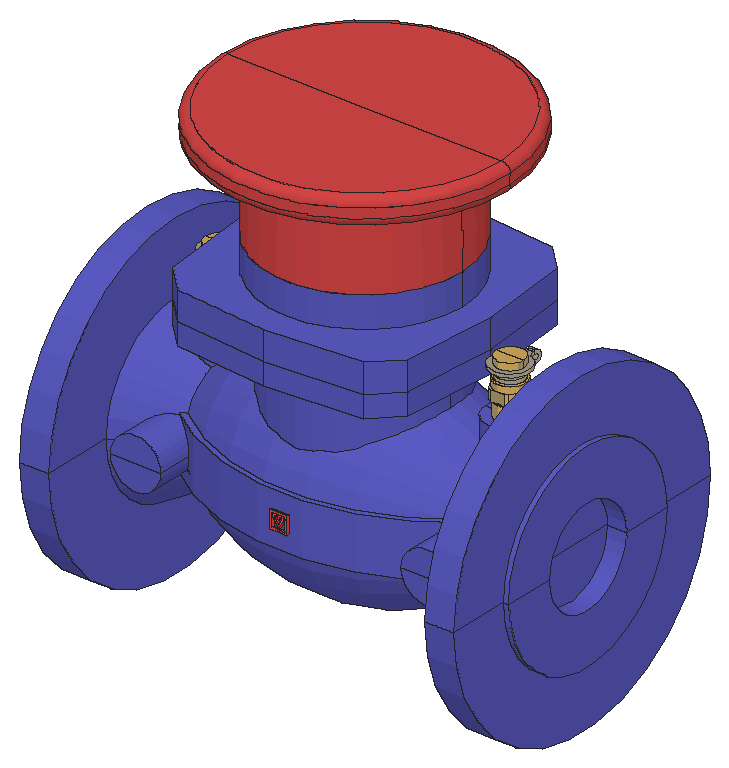
Revit family "HERZ Strömax Балансировочный клапан с измерительными клапанами, шпиндель прямой 4218 GF", category Rohrzubehör, Revit 2019
Family settings
  Bemaßung runder Anschluss = Durchmesser verwenden
  Teiletyp = Unterbricht
  OmniClass-Nummer = 23.65.55.14
  OmniClass-Titel = Valves for Liquid Services
  Arbeitsebenenbasiert = Nein
  Immer vertikal = Ja
  Beim Laden mit Abzugskörper schneiden = Nein
  Gemeinsam genutzt = Nein
Parameters
  Среда = "Допускается использование этилен- и пропиленгликоля в концентрации смеси 25-50% объема.\r\nКачество теплоносителя согласно ÖNORM H 5195 и VDI 2035."
  Область применения = "Для гидравлической балансировки в системах отопления или охлаждения, регулирования и перекрытия трубопроводов, стояков, теплообменников, тепловых и холодильных регистров."
  Номер заказа [instance] = size_lookup("4218_GF_", "Artnr", 0, Nennweite)  # 1421880
  Мин. рабочая температура = -10 °C  # constant formula
  Макс. рабочее давление = 1600000.0 Pa  # constant formula
  Макс. рабочая температура = 110 °C  # constant formula
  Корпус = "чугун GJL 250 по EN 1561"  # constant formula
  Исполнение = "Балансировочный клапан STRÖMAX-GF с измерительными клапанами DN 50 - 300:\r\nПрямой шпиндель, корпус из серого чугуна GJL 250 по EN 1561, фланец согласно EN 1092, PN 16, окрашен в синий цвет.\r\nБукса из серого чугуна GJL 250, с неподнимающимся шпинделем, уплотнение шпинделя с помощью тройного кольцевого уплотнения Цифровой указатель ступеней предварительной настройки."
  Измерение перепада давления = "Балансировочный клапан Strömax GF оборудован двумя измерительными клапанами:\r\nпри использовании соответствующего измерительного прибора можно измерить перепад давления и благодаря этому можно соответственно определить расход в зависимости от степени настройки.\r\nКроме того, с HERZ измерительного компьютера можно непосредственно считывать показания расхода (см. инструкцию).\r\nПри использовании этиленгликоля, как средства от замерзания, меняется плотность теплоносителя, которую обязательно необходимо учитывать при измерениях перепада давления."
  Букса = "чугун GJL 250 по EN 1561"  # constant formula
  kvs-значения [instance] = if(Nennweite = 50.00 mm, 34.96, if(Nennweite = 65.00 mm, 66.94, if(Nennweite = 80.00 mm, 106.78, if(Nennweite = 100.00 mm, 169.45, if(Nennweite = 125.00 mm, 255.79, if(Nennweite = 150.00 mm, 389.54, if(Nennweite = 200.00 mm, 676.33, if(Nennweite = 250.00 mm, 1082.72, if(Nennweite = 300.00 mm, 1784.91, 0)))))))))  # 34.96
  Счетное устройство = "пластмасса"  # constant formula
  W02 = 60.00°  # constant formula
  W01 = 85.00°  # constant formula
  Кегель клапана = "чугун GJL 250 по EN 1561/ EPDM с покрытием"  # constant formula
  S01 [instance] = Nennweite + 10.00 mm  # 60.00 mm
  Регулировочный шпиндель = "латунь / нержавеющая сталь"  # constant formula
  Шпиндель (DN50 - DN100) = "латунь"  # constant formula
  O-Ring = "EPDM"  # constant formula
  URL = "www.herz-armaturen.ru"
  SCRNSEQ = "ARM;ARM_TYP=\"STRV\";2"
  SCRNCODE = "05;07;02"  # constant formula
  R02 [instance] = size_lookup("4218_GF_", "R2", 1.00 mm, Nennweite)  # 12.50 mm
  R01 [instance] = size_lookup("4218_GF_", "R1", 1.00 mm, Nennweite)  # 13.00 mm
  Шпиндель (DN125 - DN300) = "нержавеющая сталь"  # constant formula
  Nennweite [instance] = 50.00 mm
  L04 [instance] = size_lookup("4218_GF_", "L4", 1.00 mm, Nennweite)  # 75.00 mm
  L03 [instance] = if(Nennweite = 50.00 mm, 48.00 mm, if(Nennweite = 65.00 mm, 52.00 mm, if(Nennweite = 80.00 mm, 60.00 mm, if(Nennweite = 100.00 mm, 75.00 mm, 15.00 mm))))  # 48.00 mm
  L02 [instance] = size_lookup("4218_GF_", "L2", 1.00 mm, Nennweite)  # 75.00 mm
  L01 [instance] = size_lookup("4218_GF_", "L1", 1.00 mm, Nennweite)  # 70.00 mm
  L00 [instance] = size_lookup("4218_GF_", "L", 1.00 mm, Nennweite)  # 230.00 mm
  Hersteller = "HERZ Armaturen Ges.m.b.H."  # constant formula
  H09 [instance] = H08 + H02  # 109.00 mm
  H08 [instance] = size_lookup("4218_GF_", "H8", 1.00 mm, Nennweite)  # 31.00 mm
  H07 [instance] = H02 + H06  # 93.00 mm
  H06 [instance] = size_lookup("4218_GF_", "H6", 1.00 mm, Nennweite)  # 15.00 mm
  H05 [instance] = size_lookup("4218_GF_", "H5", 1.00 mm, Nennweite)  # 51.50 mm
  H04 [instance] = H02 - H03  # 67.00 mm
  H03 [instance] = size_lookup("4218_GF_", "H3", 1.00 mm, Nennweite)  # 11.00 mm
  H02 [instance] = size_lookup("4218_GF_", "H2", 1.00 mm, Nennweite)  # 78.00 mm
  H01 [instance] = size_lookup("4218_GF_", "H1", 1.00 mm, Nennweite)  # 54.00 mm
  GT = 10.00 mm  # constant formula
  FLL02 [instance] = size_lookup("4218_GF_", "FLL2", 1.00 mm, Nennweite)  # 15.00 mm
  FLL01 [instance] = size_lookup("4218_GF_", "FLL1", 1.00 mm, Nennweite)  # 3.00 mm
  FLD03 [instance] = size_lookup("4218_GF_", "FLD3", 1.00 mm, Nennweite)  # 30.20 mm
  FLD02 [instance] = size_lookup("4218_GF_", "FLD2", 1.00 mm, Nennweite)  # 46.00 mm
  FLD01 [instance] = size_lookup("4218_GF_", "FLD1", 1.00 mm, Nennweite)  # 51.00 mm
  FLD00 [instance] = size_lookup("4218_GF_", "FLD", 1.00 mm, Nennweite)  # 82.50 mm
  DN80-DN100 [instance] = or(Nennweite = 80.00 mm, Nennweite = 100.00 mm)  # no
  DN80 [instance] = Nennweite = 80.00 mm  # no
  DN65 [instance] = Nennweite = 65.00 mm  # no
  DN50-DN65 [instance] = or(Nennweite = 50.00 mm, Nennweite = 65.00 mm)  # yes
  DN50-DN100 [instance] = or(Nennweite = 50.00 mm, Nennweite = 65.00 mm, Nennweite = 80.00 mm, Nennweite = 100.00 mm)  # yes
  DN50 [instance] = Nennweite = 50.00 mm  # yes
  DN300 [instance] = Nennweite = 300.00 mm  # no
  DN250 [instance] = Nennweite = 250.00 mm  # no
  DN200-DN300 [instance] = or(Nennweite = 200.00 mm, Nennweite = 250.00 mm, Nennweite = 300.00 mm)  # no
  DN200 [instance] = Nennweite = 200.00 mm  # no
  DN150 [instance] = Nennweite = 150.00 mm  # no
  DN125-DN300 [instance] = or(Nennweite = 125.00 mm, Nennweite = 150.00 mm, Nennweite = 200.00 mm, Nennweite = 250.00 mm, Nennweite = 300.00 mm)  # no
  DN125-DN150 [instance] = or(Nennweite = 125.00 mm, Nennweite = 150.00 mm)  # no
  DN125 [instance] = Nennweite = 125.00 mm  # no
  DN100 [instance] = Nennweite = 100.00 mm  # no
  D03 [instance] = size_lookup("4218_GF_", "D3", 1.00 mm, Nennweite)  # 50.50 mm
  D02 [instance] = size_lookup("4218_GF_", "D2", 1.00 mm, Nennweite)  # 65.00 mm
  D01 [instance] = size_lookup("4218_GF_", "D1", 1.00 mm, Nennweite)  # 44.50 mm
  D00 [instance] = size_lookup("4218_GF_", "D", 1.00 mm, Nennweite)  # 54.00 mm
  BH02 [instance] = -BH01  # -13.50 mm
  BH01 [instance] = size_lookup("4218_GF_", "BH1", 1.00 mm, Nennweite)  # 13.50 mm
  Anschluss [instance] = Nennweite / 2  # 25.00 mm
Reference planes
  plane 1 "Mitte (Vorne/hinten)": y = 0
  plane 2: z = 0
  plane 3 "Mitte (Links/rechts)": x = 0
Forms (mm)
  Revolve 1, solid, material "Herz-Marineblau", detail levels fine
    sketch origin (1058.943, 0, 0) x (1, 0, 0) y (0, 1, 0)
      loop
        line (-1170.943, 82.5) -> (-1170.943, 51) -> (-1173.943, 51) -> (-1173.943, 25) -> (-1163.943, 25) -> (-1163.943, 0) -> (-953.943, 0) -> (-953.943, 25) -> (-943.943, 25) -> (-943.943, 51) -> (-946.943, 51) -> (-946.943, 82.5) -> (-961.943, 82.5) -> (-961.943, 46) -> (-988.943, 30.2)
        arc (-988.943, 30.2) -> (-1058.943, 54) -> (-1128.943, 30.2) r 114.841
        line (-1128.943, 30.2) -> (-1155.943, 46) -> (-1155.943, 82.5) -> (-1170.943, 82.5)
      axis (-1173.943, 0) -> (-943.943, 0)
    angle from 0 to 360
  Revolve 2, solid, material "Herz-Marineblau", detail levels fine
    sketch origin (0, 0, 0) x (1, 0, 0) y (0, 1, 0)
      loop
        line (-75, 54) -> (-88, 54) -> (-88, -54) -> (-75, -54) -> (-75, 54)
      axis (-75, 54) -> (-75, -54)
    angle from 0 to 360
  Revolve 3, solid, material "Herz-Marineblau", detail levels fine
    sketch origin (0, 0, 0) x (-1, 0, 0) y (0, 1, 0)
      loop
        line (-75, 54) -> (-88, 54) -> (-88, -54) -> (-75, -54) -> (-75, 54)
      axis (-75, 54) -> (-75, -54)
    angle from 0 to 360
  Revolve 4, solid, material "Herz-Marineblau", visible <- "DN125-DN300", detail levels fine
    sketch origin (0, 0, 0) x (1, 0, 0) y (0, 0, 1)
      loop
        line (0, 0) -> (0, 78) -> (-65, 78) -> (-65, 67) -> (-44.5, 67) -> (-44.5, 0) -> (0, 0)
      axis (0, 78) -> (0, 0)
    angle from 0 to 360
  Revolve 5, solid, material "Herz-Marineblau", visible <- "DN50-DN100", detail levels fine
    sketch origin (0, 0, 0) x (1, 0, 0) y (0, 0, 1)
      loop
        line (0, 0) -> (0, 67) -> (-44.5, 67) -> (-44.5, 0) -> (0, 0)
      axis (0, 67) -> (0, 0)
    angle from 0 to 360
  Extrusion 6, solid, material "Herz-Marineblau", visible <- "DN50-DN100", detail levels fine
    sketch origin (0, 0, 0) x (1, 0, 0) y (0, 1, 0)
      loop
        line (0, 65) -> (-48, 60.801) -> (-60.801, 48) -> (-65, 0) -> (-60.801, -48) -> (-48, -60.801) -> (0, -65) -> (48, -60.801) -> (60.801, -48) -> (65, 0) -> (60.801, 48) -> (48, 60.801) -> (0, 65)
    from 67 <- "H04" to 78 <- "H02"
  Revolve 7, solid, material "Herz-Marineblau", detail levels fine
    sketch origin (0, 0, 0) x (1, 0, 0) y (0, 0, 1)
      loop
        line (-75, 0) -> (-75, 51.5) -> (-87.5, 51.5) -> (-87.5, 0) -> (-75, 0)
      axis (-75, 51.5) -> (-75, 0)
    angle from 0 to 360
  Revolve 8, solid, material "Herz-Marineblau", detail levels fine
    sketch origin (0, 0, 0) x (-1, 0, 0) y (0, 0, 1)
      loop
        line (-75, 0) -> (-75, 51.5) -> (-87.5, 51.5) -> (-87.5, 0) -> (-75, 0)
      axis (-75, 51.5) -> (-75, 0)
    angle from 0 to 360
  Extrusion 9, solid, material "Herz-Marineblau", visible <- "DN50", detail levels fine
    sketch origin (0, 0, 0) x (1, 0, 0) y (0, 1, 0)
      loop
        line (-75, 27.444) -> (-75, -27.444)
        arc (-75, -27.444) -> (0, -55) -> (75, -27.444) r 115.842
        line (75, -27.444) -> (75, 27.444)
        arc (75, 27.444) -> (0, 55) -> (-75, 27.444) r 115.842
    from -13.5 <- "BH02" to 13.5 <- "BH01"
  Extrusion 10, solid, material "Herz-Marineblau", visible <- "DN65", detail levels fine
    sketch origin (0, 0, 0) x (1, 0, 0) y (0, 1, 0)
      loop
        arc (-89, -45.667) -> (0, -68.022) -> (89, -45.667) r 188.34
        line (89, -45.667) -> (89, 45.667)
        arc (89, 45.667) -> (0, 68.022) -> (-89, 45.667) r 188.34
        line (-89, 45.667) -> (-89, -45.667)
    from -13.5 <- "BH02" to 13.5 <- "BH01"
  Extrusion 11, solid, material "Herz-Marineblau", visible <- "DN80", detail levels fine
    sketch origin (0, 0, 0) x (1, 0, 0) y (0, 1, 0)
      loop
        arc (-100, -48.604) -> (0, -75.01) -> (100, -48.604) r 202.557
        line (100, -48.604) -> (100, 48.604)
        arc (100, 48.604) -> (0, 75.01) -> (-100, 48.604) r 202.557
        line (-100, 48.604) -> (-100, -48.604)
    from -13.5 <- "BH02" to 13.5 <- "BH01"
  Extrusion 12, solid, material "Herz-Marineblau", visible <- "DN100", detail levels fine
    sketch origin (0, 0, 0) x (1, 0, 0) y (0, 1, 0)
      loop
        arc (-118, -60.889) -> (0, -83.721) -> (118, -60.889) r 316.34
        line (118, -60.889) -> (118, 60.889)
        arc (118, 60.889) -> (0, 83.721) -> (-118, 60.889) r 316.34
        line (-118, 60.889) -> (-118, -60.889)
    from -13.5 <- "BH02" to 13.5 <- "BH01"
  Extrusion 13, solid, material "Herz-Marineblau", visible <- "DN125", detail levels fine
    sketch origin (0, 0, 0) x (1, 0, 0) y (0, 1, 0)
      loop
        arc (-140, -75.261) -> (0, -118.541) -> (140, -75.261) r 248.073
        line (140, -75.261) -> (140, 75.261)
        arc (140, 75.261) -> (0, 118.541) -> (-140, 75.261) r 248.073
        line (-140, 75.261) -> (-140, -75.261)
    from -13.5 <- "BH02" to 13.5 <- "BH01"
  Extrusion 14, solid, material "Herz-Marineblau", visible <- "DN150", detail levels fine
    sketch origin (0, 0, 0) x (1, 0, 0) y (0, 1, 0)
      loop
        arc (-170, -94.727) -> (0, -138.5) -> (170, -94.727) r 352.003
        line (170, -94.727) -> (170, 94.727)
        arc (170, 94.727) -> (0, 138.5) -> (-170, 94.727) r 352.003
        line (-170, 94.727) -> (-170, -94.727)
    from -13.5 <- "BH02" to 13.5 <- "BH01"
  Extrusion 15, solid, material "Herz-Marineblau", visible <- "DN200", detail levels fine
    sketch origin (0, 0, 0) x (1, 0, 0) y (0, 1, 0)
      loop
        arc (-200, -127.319) -> (0, -163.032) -> (200, -127.319) r 577.879
        line (200, -127.319) -> (200, 127.319)
        arc (200, 127.319) -> (0, 163.032) -> (-200, 127.319) r 577.879
        line (-200, 127.319) -> (-200, -127.319)
    from -13.5 <- "BH02" to 13.5 <- "BH01"
  Extrusion 16, solid, material "Herz-Marineblau", visible <- "DN250", detail levels fine
    sketch origin (0, 0, 0) x (1, 0, 0) y (0, 1, 0)
      loop
        arc (-250, -153.89) -> (0, -191.531) -> (250, -153.89) r 849.033
        line (250, -153.89) -> (250, 153.89)
        arc (250, 153.89) -> (0, 191.531) -> (-250, 153.89) r 849.033
        line (-250, 153.89) -> (-250, -153.89)
    from -13.5 <- "BH02" to 13.5 <- "BH01"
  Extrusion 17, solid, material "Herz-Marineblau", visible <- "DN300", detail levels fine
    sketch origin (0, 0, 0) x (1, 0, 0) y (0, 1, 0)
      loop
        arc (-300, -192.377) -> (0, -268.099) -> (300, -192.377) r 632.133
        line (300, -192.377) -> (300, 192.377)
        arc (300, 192.377) -> (0, 268.099) -> (-300, 192.377) r 632.133
        line (-300, 192.377) -> (-300, -192.377)
    from -13.5 <- "BH02" to 13.5 <- "BH01"
  Extrusion 18, solid, material "Herz-Marineblau", visible <- "DN50-DN100", detail levels fine
    sketch origin (0, 0, 0) x (1, 0, 0) y (0, 1, 0)
      loop
        line (0, 65) -> (-48, 60.801) -> (-60.801, 48) -> (-65, 0) -> (-60.801, -48) -> (-48, -60.801) -> (0, -65) -> (48, -60.801) -> (60.801, -48) -> (65, 0) -> (60.801, 48) -> (48, 60.801) -> (0, 65)
    from 78 <- "H02" to 93 <- "H07"
  Revolve 19, solid, material "Herz-Marineblau", visible <- "DN125-DN300", detail levels fine
    sketch origin (0, 0, 0) x (1, 0, 0) y (0, 0, 1)
      loop
        line (0, 78) -> (0, 109) -> (-50.5, 109) -> (-50.5, 93) -> (-65, 93) -> (-65, 78) -> (0, 78)
      axis (0, 109) -> (0, 78)
    angle from 0 to 360
  Revolve 20, solid, material "Herz-Marineblau", visible <- "DN50-DN100", detail levels fine
    sketch origin (0, 0, 0) x (1, 0, 0) y (0, 0, 1)
      loop
        line (0, 93) -> (0, 109) -> (-50.5, 109) -> (-50.5, 93) -> (0, 93)
      axis (0, 109) -> (0, 93)
    angle from 0 to 360
Lines and regions (mm)
  model lines, detail levels coarse+medium
    curve 1: line (-115, 0, 82.5) -> (-115, 0, -82.5)
    curve 2: line (-115, 0, -82.5) -> (115, 0, 82.5)
    curve 3: line (115, 0, 82.5) -> (115, 0, -82.5)
    curve 4: line (115, 0, -82.5) -> (-115, 0, 82.5)
    curve 5: line (0, 0, 0) -> (62.931, 0, 109)
    curve 6: line (36.95, 0, 124) -> (88.912, 0, 94)
    curve 7: line (-115, 82.5, 0) -> (-115, -82.5, 0)
    curve 8: line (-115, -82.5, 0) -> (115, 82.5, 0)
    curve 9: line (115, 82.5, 0) -> (115, -82.5, 0)
    curve 10: line (115, -82.5, 0) -> (-115, 82.5, 0)
    curve 11: line (0, 0, 0) -> (62.931, 109, 0)
    curve 12: line (36.95, 124, 0) -> (88.912, 94, 0)
Dimensions and locks
  "FLD00": plane 1 "Mitte (Vorne/hinten)" to Revolve 1 sketch curve
  "FLD01": plane 1 "Mitte (Vorne/hinten)" to Revolve 1 sketch curve
  "FLD02": plane 1 "Mitte (Vorne/hinten)" to Revolve 1 sketch curve  (x2)
  "FLD03": plane 1 "Mitte (Vorne/hinten)" to Revolve 1 sketch curve  (x2)
  "GT": Revolve 1 sketch curve to Revolve 1 sketch curve  (x2)
  "FLL01": Revolve 1 sketch curve to Revolve 1 sketch curve  (x2)
  "FLL02": Revolve 1 sketch curve to Revolve 1 sketch curve  (x2)
  equal spacing: Revolve 1 sketch curve, plane 3 "Mitte (Links/rechts)", Revolve 1 sketch curve
  "Anschluss": Revolve 1 sketch curve to plane 1 "Mitte (Vorne/hinten)"
  "Anschluss": plane 1 "Mitte (Vorne/hinten)" to Revolve 1 sketch curve
  "FLD01": Revolve 1 sketch curve to plane 1 "Mitte (Vorne/hinten)"
  "FLD00": Revolve 1 sketch curve to plane 1 "Mitte (Vorne/hinten)"
  "L00": Revolve 1 sketch curve to Revolve 1 sketch curve
  "D00": plane 1 "Mitte (Vorne/hinten)" to Revolve 1 sketch curve
  "L01": Revolve 1 sketch curve to plane 3 "Mitte (Links/rechts)" to Revolve 1 sketch curve
  "L02": Revolve 2 sketch curve to plane 3 "Mitte (Links/rechts)"
  "R01": Revolve 2 sketch curve to Revolve 2 sketch curve
  "H01": Revolve 2 sketch curve to plane 1 "Mitte (Vorne/hinten)" to Revolve 2 sketch curve
  "L02": plane 3 "Mitte (Links/rechts)" to Revolve 3 sketch curve
  "R01": Revolve 3 sketch curve to Revolve 3 sketch curve
  "H01": Revolve 3 sketch curve to plane 1 "Mitte (Vorne/hinten)" to Revolve 3 sketch curve
  "H02": Revolve 4 sketch curve to plane 2
  "D01": Revolve 4 sketch curve to Revolve 4 sketch curve
  "D02": Revolve 4 sketch curve to Revolve 4 sketch curve
  "H03": Revolve 4 sketch curve to Revolve 4 sketch curve
  "H04": Revolve 5 sketch curve to plane 2
  "D01": Revolve 5 sketch curve to Revolve 5 sketch curve
  "D02": Extrusion 6 sketch curve to plane 3 "Mitte (Links/rechts)" to Extrusion 6 sketch curve
  "D02": Extrusion 6 sketch curve to plane 1 "Mitte (Vorne/hinten)" to Extrusion 6 sketch curve
  "L03": Extrusion 6 sketch curve to plane 3 "Mitte (Links/rechts)"  (x2)
  "L03": plane 3 "Mitte (Links/rechts)" to Extrusion 6 sketch curve  (x2)
  "L03": plane 1 "Mitte (Vorne/hinten)" to Extrusion 6 sketch curve  (x2)
  "L03": Extrusion 6 sketch curve to plane 1 "Mitte (Vorne/hinten)"  (x2)
  "L04": plane 3 "Mitte (Links/rechts)" to Revolve 7 sketch curve
  "R02": Revolve 7 sketch curve to Revolve 7 sketch curve
  "H05": Revolve 7 sketch curve to plane 2
  "R02": Revolve 8 sketch curve to Revolve 8 sketch curve
  "L04": Revolve 8 sketch curve to plane 3 "Mitte (Links/rechts)"
  "H05": Revolve 8 sketch curve to plane 2
  "L04": plane 3 "Mitte (Links/rechts)" to nested 1
  "L04": nested 2 to plane 3 "Mitte (Links/rechts)"
  "H05": nested 1 to plane 2
  "H05": nested 2 to plane 2
  "L03": Extrusion 18 sketch curve to plane 3 "Mitte (Links/rechts)"  (x2)
  "L03": plane 3 "Mitte (Links/rechts)" to Extrusion 18 sketch curve  (x2)
  "L03": plane 1 "Mitte (Vorne/hinten)" to Extrusion 18 sketch curve  (x2)
  "L03": Extrusion 18 sketch curve to plane 1 "Mitte (Vorne/hinten)"  (x2)
  "D02": Extrusion 18 sketch curve to plane 3 "Mitte (Links/rechts)" to Extrusion 18 sketch curve
  "D02": Extrusion 18 sketch curve to plane 1 "Mitte (Vorne/hinten)" to Extrusion 18 sketch curve
  "H02": Revolve 19 sketch curve to plane 2
  "H06": Revolve 19 sketch curve to Revolve 19 sketch curve
  "H08": Revolve 19 sketch curve to Revolve 19 sketch curve
  "D03": Revolve 19 sketch curve to Revolve 19 sketch curve
  "D02": Revolve 19 sketch curve to Revolve 19 sketch curve
  "D03": Revolve 20 sketch curve to Revolve 20 sketch curve
  "H07": Revolve 20 sketch curve to plane 2
  "H08": Revolve 20 sketch curve to Extrusion 18
  "H09": nested 12 to plane 2
  "H09": nested 13 to plane 2
  "H09": nested 14 to plane 2
  "H09": nested 15 to plane 2
  "FLD00": curve 4 to plane 2 to curve 2
  "FLD00": curve 3 to plane 2 to curve 4
  equal spacing: curve 1, plane 3 "Mitte (Links/rechts)", curve 3
  "L00": curve 1 to curve 3
  "H09": curve 5 to plane 2
  equal spacing: curve 1, curve 5, curve 3
  equal spacing: curve 6, curve 5, curve 6
  "S01": curve 6 to curve 6
  "FLD00": curve 8 to plane 1 "Mitte (Vorne/hinten)" to curve 10
  "FLD00": curve 10 to plane 1 "Mitte (Vorne/hinten)" to curve 9
  equal spacing: curve 7, plane 3 "Mitte (Links/rechts)", curve 9
  "L00": curve 7 to curve 9
  equal spacing: curve 7, curve 11, curve 9
  "H09": plane 1 "Mitte (Vorne/hinten)" to curve 11
  equal spacing: curve 12, curve 11, curve 12
  "S01": curve 12 to curve 12
  "W01": angle Extrusion 6 sketch curve to plane 3 "Mitte (Links/rechts)"  (x2)
  "W01": angle plane 3 "Mitte (Links/rechts)" to Extrusion 6 sketch curve  (x2)
  "W01": angle Extrusion 6 sketch curve to plane 1 "Mitte (Vorne/hinten)"  (x2)
  "W01": angle plane 1 "Mitte (Vorne/hinten)" to Extrusion 6 sketch curve  (x2)
  "W01": angle plane 1 "Mitte (Vorne/hinten)" to Extrusion 18 sketch curve  (x2)
  "W01": angle Extrusion 18 sketch curve to plane 1 "Mitte (Vorne/hinten)"  (x2)
  "W01": angle Extrusion 18 sketch curve to plane 3 "Mitte (Links/rechts)"  (x2)
  "W01": angle plane 3 "Mitte (Links/rechts)" to Extrusion 18 sketch curve  (x2)
  "W02": angle plane 2 to curve 5
  "W02": angle plane 1 "Mitte (Vorne/hinten)" to curve 11
  aligned and locked: level to plane 2
Automatic sketch dimensions
  Extrusion 9 sketch curve to plane 3 "Mitte (Links/rechts)" = 0.00 mm  (x2)
  Extrusion 9 sketch curve to plane 1 "Mitte (Vorne/hinten)" = 27.444 mm  (x2)
  Extrusion 9 sketch curve to plane 3 "Mitte (Links/rechts)" = 75.00 mm
  plane 1 "Mitte (Vorne/hinten)" to Extrusion 9 sketch curve = 60.843 mm
  Extrusion 9 sketch curve to plane 1 "Mitte (Vorne/hinten)" = 60.843 mm
  plane 1 "Mitte (Vorne/hinten)" to Extrusion 9 sketch curve = 27.444 mm
  Extrusion 10 sketch curve to plane 3 "Mitte (Links/rechts)" = 0.00 mm  (x2)
  plane 1 "Mitte (Vorne/hinten)" to Extrusion 10 sketch curve = 45.667 mm
  Extrusion 10 sketch curve to plane 3 "Mitte (Links/rechts)" = 89.00 mm
  Extrusion 10 sketch curve to Extrusion 10 sketch curve = 74.651 mm
  Extrusion 10 sketch curve to plane 1 "Mitte (Vorne/hinten)" = 120.318 mm
  Extrusion 10 sketch curve to plane 1 "Mitte (Vorne/hinten)" = 45.667 mm  (x2)
  Extrusion 11 sketch curve to plane 3 "Mitte (Links/rechts)" = 0.00 mm  (x2)
  plane 1 "Mitte (Vorne/hinten)" to Extrusion 11 sketch curve = 48.604 mm  (x2)
  Extrusion 11 sketch curve to plane 3 "Mitte (Links/rechts)" = 100.00 mm
  Extrusion 11 sketch curve to Extrusion 11 sketch curve = 78.943 mm
  Extrusion 11 sketch curve to plane 1 "Mitte (Vorne/hinten)" = 127.547 mm
  Extrusion 11 sketch curve to plane 1 "Mitte (Vorne/hinten)" = 48.604 mm
  Extrusion 12 sketch curve to plane 3 "Mitte (Links/rechts)" = 0.00 mm  (x2)
  Extrusion 12 sketch curve to plane 1 "Mitte (Vorne/hinten)" = 60.889 mm  (x2)
  Extrusion 12 sketch curve to plane 3 "Mitte (Links/rechts)" = 118.00 mm
  plane 1 "Mitte (Vorne/hinten)" to Extrusion 12 sketch curve = 232.619 mm
  Extrusion 12 sketch curve to Extrusion 12 sketch curve = 171.731 mm
  plane 1 "Mitte (Vorne/hinten)" to Extrusion 12 sketch curve = 60.889 mm
  Extrusion 13 sketch curve to plane 3 "Mitte (Links/rechts)" = 0.00 mm  (x2)
  Extrusion 13 sketch curve to plane 1 "Mitte (Vorne/hinten)" = 75.261 mm  (x2)
  Extrusion 13 sketch curve to plane 3 "Mitte (Links/rechts)" = 140.00 mm
  plane 1 "Mitte (Vorne/hinten)" to Extrusion 13 sketch curve = 129.532 mm
  Extrusion 13 sketch curve to plane 1 "Mitte (Vorne/hinten)" = 129.532 mm
  plane 1 "Mitte (Vorne/hinten)" to Extrusion 13 sketch curve = 75.261 mm
  Extrusion 14 sketch curve to plane 3 "Mitte (Links/rechts)" = 0.00 mm  (x2)
  plane 1 "Mitte (Vorne/hinten)" to Extrusion 14 sketch curve = 94.727 mm  (x2)
  Extrusion 14 sketch curve to plane 3 "Mitte (Links/rechts)" = 170.00 mm
  Extrusion 14 sketch curve to Extrusion 14 sketch curve = 118.776 mm
  Extrusion 14 sketch curve to plane 1 "Mitte (Vorne/hinten)" = 213.503 mm
  Extrusion 14 sketch curve to plane 1 "Mitte (Vorne/hinten)" = 94.727 mm
  Extrusion 15 sketch curve to plane 3 "Mitte (Links/rechts)" = 0.00 mm  (x2)
  Extrusion 15 sketch curve to plane 1 "Mitte (Vorne/hinten)" = 127.319 mm  (x2)
  Extrusion 15 sketch curve to plane 3 "Mitte (Links/rechts)" = 200.00 mm
  plane 1 "Mitte (Vorne/hinten)" to Extrusion 15 sketch curve = 414.847 mm
  Extrusion 15 sketch curve to Extrusion 15 sketch curve = 287.528 mm
  plane 1 "Mitte (Vorne/hinten)" to Extrusion 15 sketch curve = 127.319 mm
  Extrusion 16 sketch curve to plane 3 "Mitte (Links/rechts)" = 0.00 mm  (x2)
  Extrusion 16 sketch curve to plane 1 "Mitte (Vorne/hinten)" = 153.89 mm  (x2)
  Extrusion 16 sketch curve to plane 3 "Mitte (Links/rechts)" = 250.00 mm
  plane 1 "Mitte (Vorne/hinten)" to Extrusion 16 sketch curve = 657.503 mm
  Extrusion 16 sketch curve to Extrusion 16 sketch curve = 503.613 mm
  plane 1 "Mitte (Vorne/hinten)" to Extrusion 16 sketch curve = 153.89 mm
  Extrusion 17 sketch curve to plane 3 "Mitte (Links/rechts)" = 0.00 mm  (x2)
  Extrusion 17 sketch curve to plane 1 "Mitte (Vorne/hinten)" = 192.377 mm  (x2)
  Extrusion 17 sketch curve to plane 3 "Mitte (Links/rechts)" = 300.00 mm
  plane 1 "Mitte (Vorne/hinten)" to Extrusion 17 sketch curve = 364.034 mm
  Extrusion 17 sketch curve to Extrusion 17 sketch curve = 171.657 mm
  plane 1 "Mitte (Vorne/hinten)" to Extrusion 17 sketch curve = 192.377 mm
  plane 1 "Mitte (Vorne/hinten)" to Revolve 1 sketch curve = 0.00 mm  (x2)
  Revolve 1 sketch curve to Revolve 1 sketch curve = 35.00 mm
  Revolve 1 sketch curve to Revolve 1 sketch curve = 30.00 mm
  Revolve 2 sketch curve to Revolve 2 sketch curve = 0.00 mm  (x3)
  Revolve 3 sketch curve to Revolve 3 sketch curve = 0.00 mm  (x3)
  Revolve 4 sketch curve to level = 0.00 mm
  Revolve 4 sketch curve to plane 3 "Mitte (Links/rechts)" = 0.00 mm  (x2)
  Revolve 4 sketch curve to Revolve 4 sketch curve = 366.045 mm
  Revolve 4 sketch curve to Revolve 4 sketch curve = 2169.315 mm
  Revolve 5 sketch curve to level = 0.00 mm
  Revolve 5 sketch curve to plane 3 "Mitte (Links/rechts)" = 0.00 mm  (x2)
  Revolve 5 sketch curve to Revolve 5 sketch curve = 366.045 mm
  Revolve 5 sketch curve to Revolve 5 sketch curve = 2147.315 mm
  Extrusion 6 sketch curve to plane 3 "Mitte (Links/rechts)" = 0.00 mm  (x2)
  plane 1 "Mitte (Vorne/hinten)" to Extrusion 6 sketch curve = 0.00 mm  (x2)
  Revolve 7 sketch curve to level = 0.00 mm  (x2)
  Revolve 7 sketch curve to Revolve 7 sketch curve = 0.00 mm  (x2)
  Revolve 8 sketch curve to level = 0.00 mm  (x2)
  Revolve 8 sketch curve to Revolve 8 sketch curve = 0.00 mm  (x2)
  Extrusion 18 sketch curve to plane 3 "Mitte (Links/rechts)" = 0.00 mm  (x2)
  plane 1 "Mitte (Vorne/hinten)" to Extrusion 18 sketch curve = 0.00 mm  (x2)
  Revolve 19 sketch curve to plane 3 "Mitte (Links/rechts)" = 0.00 mm  (x2)
  Revolve 19 sketch curve to level = 366.045 mm
  Revolve 19 sketch curve to Revolve 19 sketch curve = 2105.315 mm
  Revolve 20 sketch curve to plane 3 "Mitte (Links/rechts)" = 0.00 mm  (x2)
  Revolve 20 sketch curve to level = 366.045 mm
  Revolve 20 sketch curve to Revolve 20 sketch curve = 2105.315 mm
Nested families
  nested 1: "Messstutzen_Band_Eintritt_senkrecht_(oben)" at (-75, 0, 42.5), type "Messstutzen_Band_Eintritt_senkrecht_(oben)", detail levels fine
    with Schutzkappe yes, Nennweite 0.00 mm, Gewicht 0.00 kg, Bestellnummer 0
  nested 2: "Messstutzen_Band_Austritt_senkrecht_(oben)" at (75, 0, 42.5), type "Messstutzen_Band_Austritt_senkrecht_(oben)", detail levels fine
    with Schutzkappe yes, Nennweite 0.00 mm, Gewicht 0.00 kg, Bestellnummer 0
  nested 3: "Herz-Logo-vorne" at (0, -55, 0) x (0, 1, 0) z (0, 0, 1), visible <- "DN50", type "Herz-Logo-vorne", detail levels fine
  nested 4: "Herz-Logo-vorne" at (0, -68.004, 0) x (0, 1, 0) z (0, 0, 1), visible <- "DN65", type "Herz-Logo-vorne", detail levels fine
  nested 5: "Herz-Logo-vorne" at (0, -74.992, 0) x (0, 1, 0) z (0, 0, 1), visible <- "DN80", type "Herz-Logo-vorne", detail levels fine
  nested 6: "Herz-Logo-vorne" at (0, -83.721, 0) x (0, 1, 0) z (0, 0, 1), visible <- "DN100", type "Herz-Logo-vorne", detail levels fine
  nested 7: "Herz-Logo-vorne" at (0, -118.541, 0) x (0, 1, 0) z (0, 0, 1), visible <- "DN125", type "Herz-Logo-vorne", detail levels fine
  nested 8: "Herz-Logo-vorne" at (0, -138.5, 0) x (0, 1, 0) z (0, 0, 1), visible <- "DN150", type "Herz-Logo-vorne", detail levels fine
  nested 9: "Herz-Logo-vorne" at (0, -163.032, 0) x (0, 1, 0) z (0, 0, 1), visible <- "DN200", type "Herz-Logo-vorne", detail levels fine
  nested 10: "Herz-Logo-vorne" at (0, -191.513, 0) x (0, 1, 0) z (0, 0, 1), visible <- "DN250", type "Herz-Logo-vorne", detail levels fine
  nested 11: "Herz-Logo-vorne" at (0, -268.082, 0) x (0, 1, 0) z (0, 0, 1), visible <- "DN300", type "Herz-Logo-vorne", detail levels fine
  nested 12: "Strangregulierventil-Handrad_VOLL-Gerade (Rot) DN50-DN65" at (0, 0, 109), visible <- "DN50-DN65", type "Strangregulierventil-Handrad_VOLL-Gerade (Rot) DN50-DN65", detail levels fine
  nested 13: "Strangregulierventil-Handrad_VOLL-Gerade (Rot) DN80-DN100" at (0, 0, 109), visible <- "DN80-DN100", type "Strangregulierventil-Handrad_VOLL-Gerade (Rot) DN80-DN100", detail levels fine
  nested 14: "Strangregulierventil-Handrad_VOLL-Gerade (Rot) DN125-DN150" at (0, 0, 109), visible <- "DN125-DN150", type "Strangregulierventil-Handrad_VOLL-Gerade (Rot) DN125-DN150", detail levels fine
  nested 15: "Strangregulierventil-Handrad_VOLL-Gerade (Rot) DN200-DN300" at (0, 0, 109), visible <- "DN200-DN300", type "Strangregulierventil-Handrad_VOLL-Gerade (Rot) DN200-DN300", detail levels fine
    with DN300 yes
Connectors
  piping at (-115, 0, 0), diameter 50, driven by "Nennweite"
    settings: on Revolve 1, index 1, connector inside diameter 609.6 mm, connector length 0.00 mm, flow factor 0, pipe flow 0.0 L/s, pressure drop 0.0 Pa, fitting loss kfactor 0, connector angle 0.00°, fixture units 0, engagement length 0.00 mm, angle of deflection 0.00°, flow configuration 0, flow direction 1, fitting loss method 0, system type 29, joint type 0, gender type 0, connector reference index -1, connector utility 0, adjustable connector no, is connector primary yes, connector description ""
  piping at (115, 0, 0), diameter 50, driven by "Nennweite"
    settings: on Revolve 1, index 2, connector inside diameter 609.6 mm, connector length 0.00 mm, flow factor 0, pipe flow 0.0 L/s, pressure drop 0.0 Pa, fitting loss kfactor 0, connector angle 0.00°, fixture units 0, engagement length 0.00 mm, angle of deflection 0.00°, flow configuration 0, flow direction 2, fitting loss method 0, system type 29, joint type 0, gender type 0, connector reference index -1, connector utility 0, adjustable connector no, is connector primary no, connector description ""
Definition of nested family "Messstutzen_Band_Eintritt_senkrecht_(oben)"
  Parameters (values of type "Messstutzen_Band_Eintritt_senkrecht_(oben)")
    URL = "www.herz-armaturen.at"
    Schutzkappe [instance] = yes
    Nennweite [instance] = 0.00 mm
    Manufacturer = "Herz Armaturen GmbH"  # constant formula
    Gewicht [instance] = 0.00 kg
    Bestellnummer [instance] = 0
  Reference planes
    plane 1 "Mitte (Vorne/hinten)": y = 0
    plane 2: z = 0
    plane 3 "Mitte (Links/rechts)": x = 0
    plane 4 "Schlaufe 1": z = -27
    plane 5 "Schlaufe 2": z = -31.678
  Forms (mm)
    Revolve 1, solid, detail levels fine
      sketch origin (0, 0, 0) x (1, 0, 0) y (0, 0, 1)
        loop
          line (-7.4, 9) -> (-5.55, 9) -> (-5.55, 6)
          arc (-5.55, 6) -> (-5.626, 5.617) -> (-5.843, 5.293) r 1
          line (-5.843, 5.293) -> (-6.455, 4.681) -> (-6.455, 0.9) -> (-5.555, 0) -> (-2, 0) -> (-2, 17.5) -> (-8.4, 17.5)
          arc (-8.4, 17.5) -> (-7.693, 17.207) -> (-7.4, 16.5) r 1
          line (-7.4, 16.5) -> (-7.4, 9)
        loop
          line (-3.7, 27) -> (-7.3, 27) -> (-7.9, 26.4) -> (-7.9, 23) -> (-2, 23) -> (-2, 35.8) -> (-3.805, 35.8) -> (-4.415, 35.19) -> (-4.415, 30.863) -> (-3.7, 30.45) -> (-3.7, 27)
        axis (0, 0) -> (0, 35.8)
      angle from 0 to 360
    Extrusion 2, solid, detail levels fine
      sketch origin (0, 0, 17.5) x (0, 1, 0) y (-1, 0, 0)
        loop
          arc (-7.07, 5.156) -> (-7.578, 4.375) -> (-8, 3.544) r 8.75
          line (-8, 3.544) -> (-8, -3.544)
          arc (-8, -3.544) -> (-7.578, -4.375) -> (-7.07, -5.156) r 8.75
          line (-7.07, -5.156) -> (-0.93, -8.7)
          arc (-0.93, -8.7) -> (0, -8.75) -> (0.93, -8.7) r 8.75
          line (0.93, -8.7) -> (7.07, -5.156)
          arc (7.07, -5.156) -> (7.578, -4.375) -> (8, -3.544) r 8.75
          line (8, -3.544) -> (8, 3.544)
          arc (8, 3.544) -> (7.578, 4.375) -> (7.07, 5.156) r 8.75
          line (7.07, 5.156) -> (0.93, 8.7)
          arc (0.93, 8.7) -> (0, 8.75) -> (-0.93, 8.7) r 8.75
          line (-0.93, 8.7) -> (-7.07, 5.156)
      from 0 to 5.5
    Revolve 3, solid, visible <- "Schutzkappe", detail levels fine
      sketch origin (0, 0, 0) x (1, 0, 0) y (0, 0, 1)
        loop
          line (0, 35.878) -> (0, 36.678) -> (-7, 36.678) -> (-7, 33.378) -> (-6.1, 33.378) -> (-6.1, 31.678) -> (-6.9, 31.678) -> (-6.9, 30.178) -> (-4.415, 30.178) -> (-4.415, 35.268) -> (-3.805, 35.878) -> (0, 35.878)
        axis (0, 30.178) -> (0, 36.678)
      angle from 0 to 360
    Extrusion 4, solid, detail levels fine
      sketch origin (0, 0, 28.5) x (1, 0, 0) y (0, 1, 0)
        loop
          circle (0, 0) r 3.7
        loop
          arc (-3.906, 5.505) -> (0, -6.75) -> (3.906, 5.505) r 6.75
          arc (3.906, 5.505) -> (2.358, 7.288) -> (1.8, 9.582) r 5
          line (1.8, 9.582) -> (-1.8, 9.582)
          arc (-1.8, 9.582) -> (-2.358, 7.288) -> (-3.906, 5.505) r 5
      from 0 to -1.5
    Extrusion 5, solid, detail levels fine
      sketch origin (0, 0, 33.178) x (1, 0, 0) y (0, 1, 0)
        loop
          circle (0, 0) r 6.1
        loop
          arc (-4.495, 8.652) -> (0, -9.75) -> (4.495, 8.652) r 9.75
          arc (4.495, 8.652) -> (2.527, 10.493) -> (1.8, 13.089) r 5
          line (1.8, 13.089) -> (-1.8, 13.089)
          arc (-1.8, 13.089) -> (-2.527, 10.493) -> (-4.495, 8.652) r 5
      from 0 to -1.5
    Sweep 6, solid, detail levels fine
      path origin (0, 0, 0) x (0, 0, -1) y (0, -1, 0)
        loop
          line (-27.75, -9.582) -> (-27.75, -14.522)
          arc (-27.75, -14.522) -> (-30.089, -16.862) -> (-32.428, -14.522) r 2.339
          line (-32.428, -14.522) -> (-32.428, -13.089)
      profile origin (0, 12.052, 27.75) x (0, 0, 1) y (1, 0, 0)
        loop
          line (-0.75, -1.8) -> (0.75, -1.8) -> (0.75, 1.8) -> (-0.75, 1.8) -> (-0.75, -1.8)
  Dimensions and locks
    aligned and locked: level to plane 2
Definition of nested family "Messstutzen_Band_Austritt_senkrecht_(oben)"
  Parameters (values of type "Messstutzen_Band_Austritt_senkrecht_(oben)")
    URL = "www.herz-armaturen.at"
    Schutzkappe [instance] = yes
    Nennweite [instance] = 0.00 mm
    Manufacturer = "Herz Armaturen GmbH"  # constant formula
    Gewicht [instance] = 0.00 kg
    Bestellnummer [instance] = 0
  Reference planes
    plane 1 "Mitte (Vorne/hinten)": y = 0
    plane 2: z = 0
    plane 3 "Mitte (Links/rechts)": x = 0
    plane 4 "Schlaufe 1": z = -27
    plane 5 "Schlaufe 2": z = -31.678
  Forms (mm)
    Revolve 1, solid, detail levels fine
      sketch origin (0, 0, 0) x (1, 0, 0) y (0, 0, 1)
        loop
          line (-7.4, 9) -> (-5.55, 9) -> (-5.55, 6)
          arc (-5.55, 6) -> (-5.626, 5.617) -> (-5.843, 5.293) r 1
          line (-5.843, 5.293) -> (-6.455, 4.681) -> (-6.455, 0.9) -> (-5.555, 0) -> (-2, 0) -> (-2, 17.5) -> (-8.4, 17.5)
          arc (-8.4, 17.5) -> (-7.693, 17.207) -> (-7.4, 16.5) r 1
          line (-7.4, 16.5) -> (-7.4, 9)
        loop
          line (-3.7, 27) -> (-7.3, 27) -> (-7.9, 26.4) -> (-7.9, 23) -> (-2, 23) -> (-2, 35.8) -> (-3.805, 35.8) -> (-4.415, 35.19) -> (-4.415, 30.863) -> (-3.7, 30.45) -> (-3.7, 27)
        axis (0, 0) -> (0, 35.8)
      angle from 0 to 360
    Extrusion 2, solid, detail levels fine
      sketch origin (0, 0, 17.5) x (0, 1, 0) y (-1, 0, 0)
        loop
          arc (-7.07, 5.156) -> (-7.578, 4.375) -> (-8, 3.544) r 8.75
          line (-8, 3.544) -> (-8, -3.544)
          arc (-8, -3.544) -> (-7.578, -4.375) -> (-7.07, -5.156) r 8.75
          line (-7.07, -5.156) -> (-0.93, -8.7)
          arc (-0.93, -8.7) -> (0, -8.75) -> (0.93, -8.7) r 8.75
          line (0.93, -8.7) -> (7.07, -5.156)
          arc (7.07, -5.156) -> (7.578, -4.375) -> (8, -3.544) r 8.75
          line (8, -3.544) -> (8, 3.544)
          arc (8, 3.544) -> (7.578, 4.375) -> (7.07, 5.156) r 8.75
          line (7.07, 5.156) -> (0.93, 8.7)
          arc (0.93, 8.7) -> (0, 8.75) -> (-0.93, 8.7) r 8.75
          line (-0.93, 8.7) -> (-7.07, 5.156)
      from 0 to 5.5
    Revolve 3, solid, visible <- "Schutzkappe", detail levels fine
      sketch origin (0, 0, 0) x (1, 0, 0) y (0, 0, 1)
        loop
          line (0, 35.878) -> (0, 36.678) -> (-7, 36.678) -> (-7, 33.378) -> (-6.1, 33.378) -> (-6.1, 31.678) -> (-6.9, 31.678) -> (-6.9, 30.178) -> (-4.415, 30.178) -> (-4.415, 35.268) -> (-3.805, 35.878) -> (0, 35.878)
        axis (0, 30.178) -> (0, 36.678)
      angle from 0 to 360
    Extrusion 4, solid, detail levels fine
      sketch origin (0, 0, 28.5) x (1, 0, 0) y (0, 1, 0)
        loop
          circle (0, 0) r 3.7
        loop
          arc (-3.906, 5.505) -> (0, -6.75) -> (3.906, 5.505) r 6.75
          arc (3.906, 5.505) -> (2.358, 7.288) -> (1.8, 9.582) r 5
          line (1.8, 9.582) -> (-1.8, 9.582)
          arc (-1.8, 9.582) -> (-2.358, 7.288) -> (-3.906, 5.505) r 5
      from 0 to -1.5
    Extrusion 5, solid, detail levels fine
      sketch origin (0, 0, 33.178) x (1, 0, 0) y (0, 1, 0)
        loop
          circle (0, 0) r 6.1
        loop
          arc (-4.495, 8.652) -> (0, -9.75) -> (4.495, 8.652) r 9.75
          arc (4.495, 8.652) -> (2.527, 10.493) -> (1.8, 13.089) r 5
          line (1.8, 13.089) -> (-1.8, 13.089)
          arc (-1.8, 13.089) -> (-2.527, 10.493) -> (-4.495, 8.652) r 5
      from 0 to -1.5
    Sweep 6, solid, detail levels fine
      path origin (0, 0, 0) x (0, 0, -1) y (0, -1, 0)
        loop
          line (-27.75, -9.582) -> (-27.75, -14.522)
          arc (-27.75, -14.522) -> (-30.089, -16.862) -> (-32.428, -14.522) r 2.339
          line (-32.428, -14.522) -> (-32.428, -13.089)
      profile origin (0, 12.052, 27.75) x (0, 0, 1) y (1, 0, 0)
        loop
          line (-0.75, -1.8) -> (0.75, -1.8) -> (0.75, 1.8) -> (-0.75, 1.8) -> (-0.75, -1.8)
  Dimensions and locks
    aligned and locked: level to plane 2
Definition of nested family "Herz-Logo-vorne"
  Reference planes
    plane 1 "Mitte (Vorne/hinten)": y = 0
    plane 2: z = 0
    plane 3 "Mitte (Links/rechts)": x = 0
  Forms (mm)
    Extrusion 1, solid
      sketch origin (0.732, -0.018, 0.017) x (0, -1, 0) y (0, 0, 1)
        loop
          line (-0.018, -4.517) -> (4.482, -4.517) -> (4.482, 4.483) -> (-4.518, 4.483) -> (-4.518, -4.517) -> (-0.018, -4.517)
        loop
          line (-0.05, -3.48) -> (3.482, -3.48) -> (3.482, 3.483) -> (-3.518, 3.483) -> (-3.518, -3.48) -> (-0.05, -3.48)
        loop
          arc (-0.018, 2.383) -> (-1.543, 3.287) -> (-3.067, 2.383) r 1.738
          arc (-3.067, 2.383) -> (-3.191, 1.899) -> (-3.067, 1.415) r 1.009
          line (-3.067, 1.415) -> (-0.018, -3.281) -> (3.032, 1.415)
          arc (3.032, 1.415) -> (3.156, 1.899) -> (3.032, 2.383) r 1.009
          arc (3.032, 2.383) -> (1.507, 3.287) -> (-0.018, 2.383) r 1.738
        loop
          arc (1.885, 1.272) -> (2.005, 1.675) -> (1.885, 2.079) r 0.74
          arc (1.885, 2.079) -> (1.265, 2.416) -> (0.644, 2.079) r 0.74
          line (0.644, 2.079) -> (-0.018, 0.97) -> (-0.679, 2.079)
          arc (-0.679, 2.079) -> (-1.3, 2.416) -> (-1.921, 2.079) r 0.74
          arc (-1.921, 2.079) -> (-2.04, 1.675) -> (-1.921, 1.272) r 0.74
          line (-1.921, 1.272) -> (-0.018, -1.658) -> (1.885, 1.272)
      from 0 to 1.5
  Dimensions and locks
    aligned and locked: level to plane 2
Definition of nested family "Strangregulierventil-Handrad_VOLL-Gerade (Rot) DN50-DN65"
  Reference planes
    plane 1 "Mitte (Vorne/hinten)": y = 0
    plane 2: z = 0
    plane 3 "Mitte (Links/rechts)": x = 0
  Forms (mm)
    Revolve 1, solid, detail levels fine
      sketch origin (0, 0, 0) x (1, 0, 0) y (0, 0, 1)
        loop
          line (0, 0) -> (0, 58.3) -> (-70.5, 58.3)
          arc (-70.5, 58.3) -> (-73.682, 56.982) -> (-75, 53.8) r 4.5
          line (-75, 53.8) -> (-75, 48.8)
          arc (-75, 48.8) -> (-73.682, 45.618) -> (-70.5, 44.3) r 4.5
          line (-70.5, 44.3) -> (-65.5, 44.3)
          arc (-65.5, 44.3) -> (-62.318, 45.618) -> (-61, 48.8) r 4.5
          line (-61, 48.8) -> (-61, 51.3) -> (-49.831, 51.3) -> (-49.831, 38.3) -> (-50.5, 0) -> (0, 0)
        axis (0, 58.3) -> (0, 0)
      angle from 0 to 360
  Dimensions and locks
    aligned and locked: level to plane 2
Definition of nested family "Strangregulierventil-Handrad_VOLL-Gerade (Rot) DN80-DN100"
  Reference planes
    plane 1 "Mitte (Vorne/hinten)": y = 0
    plane 2: z = 0
    plane 3 "Mitte (Links/rechts)": x = 0
  Forms (mm)
    Revolve 1, solid, detail levels fine
      sketch origin (0, 0, 0) x (1, 0, 0) y (0, 0, 1)
        loop
          line (0, 0) -> (0, 61.3) -> (-83, 61.3)
          arc (-83, 61.3) -> (-86.182, 59.982) -> (-87.5, 56.8) r 4.5
          line (-87.5, 56.8) -> (-87.5, 51.8)
          arc (-87.5, 51.8) -> (-86.182, 48.618) -> (-83, 47.3) r 4.5
          line (-83, 47.3) -> (-78, 47.3)
          arc (-78, 47.3) -> (-74.818, 48.618) -> (-73.5, 51.8) r 4.5
          line (-73.5, 51.8) -> (-73.5, 54.3) -> (-49.831, 54.3) -> (-49.831, 38.3) -> (-50.5, 0) -> (0, 0)
        axis (0, 61.3) -> (0, 0)
      angle from 0 to 360
    Extrusion 2, void
      sketch origin (0, 0, 0) x (1, 0, 0) y (0, 1, 0)
        loop
          arc (-9, 72.947) -> (-63.653, 36.75) -> (-67.674, -28.679) r 73.5
          line (-67.674, -28.679) -> (-47.534, -17.052)
          arc (-47.534, -17.052) -> (-43.734, 25.25) -> (-9, 49.692) r 50.5
          line (-9, 49.692) -> (-9, 72.947)
        loop
          line (9, 72.947) -> (9, 49.692)
          arc (9, 49.692) -> (43.734, 25.25) -> (47.534, -17.052) r 50.5
          line (47.534, -17.052) -> (67.674, -28.679)
          arc (67.674, -28.679) -> (63.653, 36.75) -> (9, 72.947) r 73.5
        loop
          arc (-58.674, -44.268) -> (0, -73.5) -> (58.674, -44.268) r 73.5
          line (58.674, -44.268) -> (38.534, -32.64)
          arc (38.534, -32.64) -> (0, -50.5) -> (-38.534, -32.64) r 50.5
          line (-38.534, -32.64) -> (-58.674, -44.268)
      from 30 to 62
  Cuts and joins
    Extrusion 2 cuts Revolve 1
  Dimensions and locks
    Revolve 1 sketch curve to plane 2 = 61.30 mm
    aligned and locked: level to plane 2
Definition of nested family "Strangregulierventil-Handrad_VOLL-Gerade (Rot) DN125-DN150"
  Reference planes
    plane 1 "Mitte (Vorne/hinten)": y = 0
    plane 2: z = 0
    plane 3 "Mitte (Links/rechts)": x = 0
  Forms (mm)
    Revolve 1, solid, detail levels fine
      sketch origin (0, 0, 0) x (1, 0, 0) y (0, 0, 1)
        loop
          line (0, 0) -> (0, 61.3) -> (-128, 61.3)
          arc (-128, 61.3) -> (-131.182, 59.982) -> (-132.5, 56.8) r 4.5
          line (-132.5, 56.8) -> (-132.5, 50.8)
          arc (-132.5, 50.8) -> (-131.182, 47.618) -> (-128, 46.3) r 4.5
          line (-128, 46.3) -> (-122, 46.3)
          arc (-122, 46.3) -> (-118.818, 47.618) -> (-117.5, 50.8) r 4.5
          line (-117.5, 50.8) -> (-117.5, 54.3) -> (-49.831, 54.3) -> (-49.831, 38.3) -> (-50.5, 0) -> (0, 0)
        axis (0, 61.3) -> (0, 0)
      angle from 0 to 360
    Extrusion 2, void
      sketch origin (0, 0, 0) x (1, 0, 0) y (0, 1, 0)
        loop
          arc (10, 49.5) -> (43.734, 25.25) -> (47.868, -16.09) r 50.5
          line (47.868, -16.09) -> (106.389, -49.877)
          arc (106.389, -49.877) -> (101.758, 58.75) -> (10, 117.074) r 117.5
          line (10, 117.074) -> (10, 49.5)
        loop
          line (-10, 49.5) -> (-10, 117.074)
          arc (-10, 117.074) -> (-101.758, 58.75) -> (-106.389, -49.877) r 117.5
          line (-106.389, -49.877) -> (-47.868, -16.09)
          arc (-47.868, -16.09) -> (-43.734, 25.25) -> (-10, 49.5) r 50.5
        loop
          line (-37.868, -33.41) -> (-96.389, -67.197)
          arc (-96.389, -67.197) -> (0, -117.5) -> (96.389, -67.197) r 117.5
          line (96.389, -67.197) -> (37.868, -33.41)
          arc (37.868, -33.41) -> (0, -50.5) -> (-37.868, -33.41) r 50.5
      from 30 to 65
  Cuts and joins
    Extrusion 2 cuts Revolve 1
  Dimensions and locks
    Revolve 1 sketch curve to plane 2 = 61.30 mm
    Revolve 1 sketch curve to Revolve 1 sketch curve = 15.00 mm  (x2)
    Revolve 1 sketch curve to Revolve 1 sketch curve = 132.50 mm
    aligned and locked: level to plane 2
Definition of nested family "Strangregulierventil-Handrad_VOLL-Gerade (Rot) DN200-DN300"
  Parameters (values of type "Strangregulierventil-Handrad_VOLL-Gerade (Rot) DN200-DN300")
    DN300 [instance] = yes
  Reference planes
    plane 1 "Mitte (Vorne/hinten)": y = 0
    plane 2: z = 0
    plane 3 "Mitte (Links/rechts)": x = 0
  Forms (mm)
    Revolve 1, solid, detail levels fine
      sketch origin (0, 0, 0) x (1, 0, 0) y (0, 0, 1)
        loop
          line (0, 0) -> (0, 56) -> (-75, 56) -> (-75, 0) -> (0, 0)
        loop
          line (-225, 103) -> (-225, 87) -> (-189, 87) -> (-189, 103)
          arc (-189, 103) -> (-207, 121) -> (-225, 103) r 18
        axis (0, 103) -> (0, 0)
      angle from 0 to 360
    Revolve 2, solid, detail levels fine
      sketch origin (0, 0, 0) x (1, 0, 0) y (0, 0, 1)
        loop
          line (4.685, 43.097) -> (199.688, 96.124) -> (196.539, 107.704) -> (1.536, 54.677) -> (4.685, 43.097)
        axis (4.685, 43.097) -> (199.688, 96.124)
      angle from 0 to 360
    Revolve 3, solid, detail levels fine
      sketch origin (0, 0, 0) x (0.309017, -0.951057, 0) y (0, 0, -1)
        loop
          line (4.685, -43.097) -> (1.536, -54.677) -> (196.539, -107.704) -> (199.688, -96.124) -> (4.685, -43.097)
        axis (4.685, -43.097) -> (199.688, -96.124)
      angle from 0 to 360
    Revolve 4, solid, detail levels fine
      sketch origin (0, 0, 0) x (-0.809017, -0.587785, 0) y (0, 0, 1)
        loop
          line (4.685, 43.097) -> (199.688, 96.124) -> (196.539, 107.704) -> (1.536, 54.677) -> (4.685, 43.097)
        axis (4.685, 43.097) -> (199.688, 96.124)
      angle from 0 to 360
    Revolve 5, solid, detail levels fine
      sketch origin (0, 0, 0) x (-0.809017, 0.587785, 0) y (0, 0, -1)
        loop
          line (4.685, -43.097) -> (1.536, -54.677) -> (196.539, -107.704) -> (199.688, -96.124) -> (4.685, -43.097)
        axis (4.685, -43.097) -> (199.688, -96.124)
      angle from 0 to 360
    Revolve 6, solid, detail levels fine
      sketch origin (0, 0, 0) x (0.309017, 0.951057, 0) y (0, 0, 1)
        loop
          line (4.685, 43.097) -> (199.688, 96.124) -> (196.539, 107.704) -> (1.536, 54.677) -> (4.685, 43.097)
        axis (4.685, 43.097) -> (199.688, 96.124)
      angle from 0 to 360
  Dimensions and locks
    Revolve 1 sketch curve to plane 2 = 121.00 mm
    Revolve 1 sketch curve to Revolve 1 sketch curve = 56.00 mm
    aligned and locked: level to plane 2
